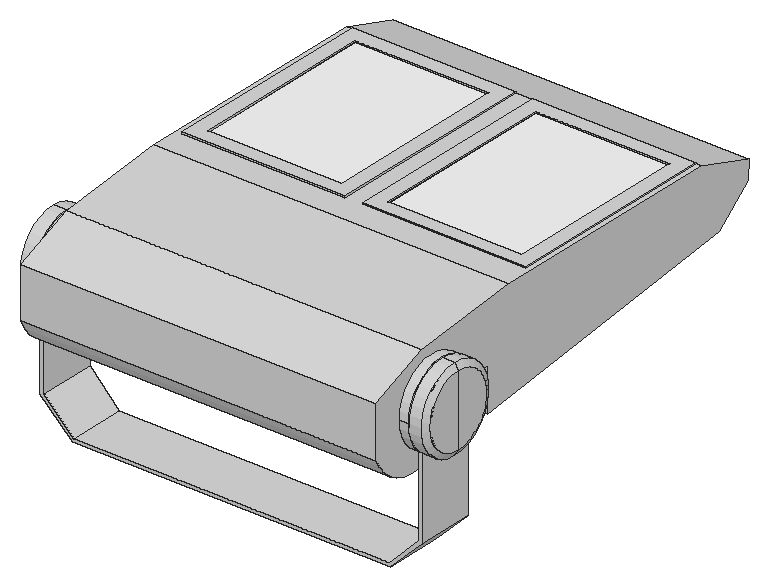
Revit family "0049117 Feilo Sylvania Lighting Fixture SYLVEO LED 12000LM RASYM 3K", category Lighting Fixtures, host Face, Revit 2017
Family settings
  Host = Face
  Round Connector Dimension = Use Diameter
  Part Type = Normal
  Cut with Voids When Loaded = No
  Light Source = No
  Shared = No
  Room Calculation Point = No
Parameters (values of type "0049117 SYLVEO LED 12000LM RASYM 3K")
  Weight = "8.444 kg"
  Wattage Comments = "n/a"
  WarrantyStartDate [instance] = "n/a"
  WarrantyGuarantorParts = "n/a"
  WarrantyDurationUnit = "n/a"
  WarrantyDurationParts = "n/a"
  WarrantyDescription = "n/a"
  Voltage = 230 V
  URL = "http://www.sylvania-lighting.com"
  TypeName = "SYLVEO LED 12000LM RASYM 3K"
  TypeBody_FEILO = Sylveo Large Body : 0049117 SYLVEO LED 12000LM RASYM 3K
  Type Image = <None>
  Type Comments = "n/a"
  TotalWidth = 344 mm
  TiltAngle [instance] = 0.00°
  StartAngle [instance] = -TiltAngle  # 0.00°
  SerialNumber [instance] = "n/a"
  PowerFactor = 0
  PowerConsumption = "120.6 W"
  NominalWidth = 0 mm
  NominalLength = 344 mm
  NominalHeight = 392 mm
  Name = "SYLVEO LED 12000LM RASYM 3K"
  ModelReference = "SYLVEO LED 12000LM RASYM 3K"
  ModelNumber = "0049117"
  Model = "SYLVEO LED 12000LM RASYM 3K"
  Material_4_FEILO = none
  Material_3_FEILO = none
  Material_2_FEILO = none
  Material_1_FEILO = Body-Sylvania-Sylveo-Aluminium
  Material = "aluminium housing, glass diffuser"
  ManufacturerName = "Feilo Sylvania"
  Manufacturer = "Feilo Sylvania"
  LuminousEfficacy = "102.9 lm/W"
  LuminaireType = ""
  LightOutputRatio = "100"
  LampsType = Lamp  # "LED"
  LampNominalLuminous = "12412 lm"
  LampMacAdamStep = "6"
  LampColourTemperature = "3000 K"
  LampColourRenderingIndex = "70"
  Lamp = "LED"
  Keynote = "16500"
  InstallationDate [instance] = "n/a"
  InputVoltage = "100-240V~"
  InputNominalFrequency = "50 Hz"
  IngressProtection = "IP66"
  ImpactProtectionIndex = "IK08"
  IfcExportType = "IfcLightFixtureType"
  IfcExportAs = "IfcLightFixtureType"
  HingeHeight = 121 mm
  ExpectedLife = 50000
  EndAngle [instance] = StartAngle + 180.00°  # 180.00°
  ElectricShockClassification = "Class I"
  DurationUnit = "hours"
  DocumentationLiterature = "http://www.sylvania-lighting.com/product/en-int/products/0049117"
  DimmingControlOptions = "Non dimmable"
  Description = "Exterior LED Floodlight, comes complete with a 1000mm cable and adjustable bracket, aluminium housing, clear glass diffuser, IP66, IK08, Class I, 3000K, Non-dimming, 12412lm, 121W, 103lm/W, 3600mA, CRI70, 52°x117° beam angle, 50000hrs, (LxWxD) 98x344x392mm"
  Default Elevation = 1219.2 mm
  CreatedOn = "12/18/2017"
  CreatedBy = ""
  Cost = 0
  built-in parameter 1114216 [instance] = (empty or 0)
  ClassificationValue = "EF_70_80"
  ClassificationName = "Uniclass2015"
  Calculate Coefficient of Utilization = no
  BracketWidth = 48 mm
  BracketThickness = 3 mm
  BracketOuterWidth = BracketInnerWidth + 2 * BracketThickness  # 322 mm
  BracketInnerWidth = 316 mm
  BracketFold = 25 mm
  BracketExtrusionStart = -BracketWidth / 2  # -24 mm
  BracketExtrusionEnd = BracketWidth / 2  # 24 mm
  BarCode [instance] = "n/a"
  AssetType = "Fixed"
  AssetIdentifier [instance] = "n/a"
  Assembly Code = "D5020200"
  Apparent Load = 120.6 VA
Reference planes
  plane 1 "Center (Front/Back)": y = 0
  plane 2: z = 0
  plane 3 "Center (Left/Right)": x = 0
  plane 4: x = 158
  plane 5: x = -158
  plane 6: z = 121
  plane 7: x = 172
  plane 8: x = -172
  plane 9: z = 156
  plane 10: z = 86
  plane 11: x = 169
  plane 12: x = -169
  plane 13: x = 161
  plane 14: x = -161
  plane 15: z = 3
  plane 16: z = 28
  plane 17: x = 133
  plane 18: x = -133
  plane 19: z = 91
Forms (mm)
  Extrusion 1, solid, material "Body-Sylvania-Sylveo-Aluminium" <- "Material_1_FEILO"
    sketch origin (0, 0, 0) x (1, 0, 0) y (0, 0, 1)
      loop
        line (0, 3) -> (0, 0) -> (133.828, 0) -> (161, 27.172) -> (161, 121) -> (158, 121) -> (158, 28) -> (133, 3) -> (0, 3)
    from -24 <- "BracketExtrusionStart" to 24 <- "BracketExtrusionEnd"
  Extrusion 2, solid, material "Body-Sylvania-Sylveo-Aluminium" <- "Material_1_FEILO"
    sketch origin (0, 0, 0) x (-1, 0, 0) y (0, 0, -1)
      loop
        line (0, -3) -> (133, -3) -> (158, -28) -> (158, -121) -> (161, -121) -> (161, -27.172) -> (133.828, 0) -> (0, 0) -> (0, -3)
    from -24 <- "BracketExtrusionStart" to 24 <- "BracketExtrusionEnd"
  Revolve 3, solid, material "Body-Sylvania-Sylveo-Aluminium" <- "Material_1_FEILO"
    sketch origin (0, 0, 0) x (1, 0, 0) y (0, 0, 1)
      loop
        line (-158, 121) -> (-172, 121) -> (-172, 91) -> (-169, 86) -> (-158, 86) -> (-158, 121)
      axis (-158, 121) -> (-172, 121)
    angle from 0 to 360
  Revolve 4, solid, material "Body-Sylvania-Sylveo-Aluminium" <- "Material_1_FEILO"
    sketch origin (0, 0, 0) x (-1, 0, 0) y (0, 0, 1)
      loop
        line (-158, 121) -> (-172, 121) -> (-172, 91) -> (-169, 86) -> (-158, 86) -> (-158, 121)
      axis (-158, 121) -> (-172, 121)
    angle from 0 to 360
  Revolve 5, solid, not visible
    sketch origin (181.107, 0, 121) x (1, 0, 0) y (0, 1, 0)
      loop
        line (-191.101, 0) -> (-171.112, 0) -> (-171.112, 10) -> (-191.101, 10) -> (-191.101, 0)
      axis (-171.112, 0) -> (-191.101, 0)
    angle from 0 <- "StartAngle" to 180 <- "EndAngle"
Cuts and joins
  joined: Extrusion 1, Extrusion 2, Revolve 3, Revolve 4
Dimensions and locks
  equal spacing: plane 5, plane 3 "Center (Left/Right)", plane 4
  equal spacing: plane 7, plane 3 "Center (Left/Right)", plane 8
  "TotalWidth": plane 7 to plane 8
  "HingeHeight": plane 2 to plane 6
  equal spacing: plane 10, plane 6, plane 9
  locked: plane 10 to plane 9 at 70
  equal spacing: plane 11, plane 3 "Center (Left/Right)", plane 12
  locked: plane 11 to plane 12 at 338
  equal spacing: plane 13, plane 3 "Center (Left/Right)", plane 14
  "BracketThickness": plane 2 to plane 15
  equal spacing: plane 17, plane 3 "Center (Left/Right)", plane 18
  locked: plane 19 to plane 10 at 5
  locked: Revolve 5 sketch curve to Revolve 5 sketch curve at 10
  equal spacing: Revolve 5 sketch curve, plane 3 "Center (Left/Right)", Revolve 5 sketch curve
  locked: Revolve 5 sketch curve to Revolve 5 sketch curve at 19.988
  "BracketInnerWidth": plane 5 to plane 4
  "BracketOuterWidth": plane 13 to plane 14
  "BracketFold": plane 4 to plane 17
  "BracketFold": plane 15 to plane 16
  aligned and locked: plane 2 to host face
  aligned and locked: level to host face
  aligned and locked: Revolve 3 sketch curve to plane 10
  aligned and locked: Revolve 3 sketch curve to plane 8
  aligned and locked: plane 5 to Revolve 3 sketch curve
  aligned and locked: Revolve 3 sketch curve to plane 6  (x2)
  aligned and locked: Revolve 5 sketch curve to plane 1 "Center (Front/Back)"
  aligned and locked: plane 3 "Center (Left/Right)" to nested 1
Automatic sketch dimensions
  host sketch curve to host sketch curve = 2438.4 mm  (x2)
  Extrusion 1 sketch curve to plane 3 "Center (Left/Right)" = 0 mm  (x2)
  Extrusion 1 sketch curve to level = 0 mm  (x2)
  Extrusion 1 sketch curve to plane 15 = 0 mm
  Extrusion 1 sketch curve to plane 17 = 0 mm
  plane 4 to Extrusion 1 sketch curve = 0 mm
  Extrusion 1 sketch curve to plane 13 = 0 mm  (x2)
  Extrusion 1 sketch curve to plane 6 = 0 mm  (x2)
  Extrusion 1 sketch curve to plane 16 = 0 mm
  plane 17 to Extrusion 1 sketch curve = 0.828 mm
  Extrusion 1 sketch curve to plane 16 = 0.828 mm
  Extrusion 2 sketch curve to plane 3 "Center (Left/Right)" = 0 mm  (x2)
  Extrusion 2 sketch curve to level = 0 mm  (x2)
  Extrusion 2 sketch curve to plane 15 = 0 mm
  plane 18 to Extrusion 2 sketch curve = 0 mm
  plane 5 to Extrusion 2 sketch curve = 0 mm
  plane 14 to Extrusion 2 sketch curve = 0 mm  (x2)
  Extrusion 2 sketch curve to plane 6 = 0 mm  (x2)
  Extrusion 2 sketch curve to plane 16 = 0 mm
  Extrusion 2 sketch curve to plane 18 = 0.828 mm
  plane 16 to Extrusion 2 sketch curve = 0.828 mm
  plane 12 to Revolve 3 sketch curve = 0 mm
  Revolve 3 sketch curve to plane 19 = 0 mm
  plane 8 to Revolve 3 sketch curve = 77.715 mm
  plane 7 to Revolve 3 sketch curve = 78.607 mm
  Revolve 4 sketch curve to plane 6 = 0 mm  (x2)
  Revolve 4 sketch curve to plane 7 = 0 mm
  Revolve 4 sketch curve to plane 10 = 0 mm
  Revolve 4 sketch curve to plane 11 = 0 mm
  plane 4 to Revolve 4 sketch curve = 0 mm
  Revolve 4 sketch curve to plane 19 = 0 mm
  Revolve 4 sketch curve to Revolve 4 sketch curve = 77.715 mm
  Revolve 4 sketch curve to plane 8 = 78.607 mm
  plane 1 "Center (Front/Back)" to Revolve 5 sketch curve = 0 mm
  plane 8 to Revolve 5 sketch curve = 1421.5 mm
  plane 7 to Revolve 5 sketch curve = 1421.5 mm
Nested families
  nested 1: "Sylveo Large Body" at (0, 0, 121), type <- "TypeBody_FEILO", type "0049117 SYLVEO LED 12000LM RASYM 3K"
Definition of nested family "Sylveo Large Body"
  Parameters (values of type "0049144 SYLVEO LED 12000LM RASYM 4K DALI ")
    Wattage = 120 W
    built-in parameter 1150110 = 1 (stored number, unit not read)
    VoidExtrusionStart = -BodyWidth / 2  # -158 mm
    URL = "http://www.feilosylvania.com"
    Type Comments = "n/a"
    built-in parameter 1114217 = 1 (stored number, unit not read)
    TiltAngle = 0.00°
    Tilt Angle = -90.00°
    built-in parameter 1150109 = 1 (stored number, unit not read)
    built-in parameter 1150134 = 12
    built-in parameter 1150113 = 1 (stored number, unit not read)
    Photometric Web File = "0049144.ies"
    Material_3_FEILO = none
    Model = "SYLVEO LED 12000LM RASYM 4K DALI"
    Manufacturer = "Feilo Sylvania"
    built-in parameter 1150105 = 6486.1 (stored number, unit not read)
    Lumens = 12552 lm
    built-in parameter 1150115 = 1 (stored number, unit not read)
    built-in parameter 1150137 = (empty or 0)
    built-in parameter 1150139 = (empty or 0)
    built-in parameter 1150112 = 1 (stored number, unit not read)
    built-in parameter 1150114 = 1 (stored number, unit not read)
    Lamp = "LED"
    Keynote = "16500"
    built-in parameter 1150132 = (empty or 0)
    built-in parameter 1150102 = (empty or 0)
    built-in parameter 1150107 = 4000 (stored number, unit not read)
    built-in parameter 1150138 = (empty or 0)
    built-in parameter 1150106 = 64.861 (stored number, unit not read)
    HingeRadius = 35 mm
    HingeFromTop = 51.5 mm
    Material_2_FEILO = none
    Emit from Rectangle Width = 155.3 mm
    Emit from Rectangle Length = 265 mm
    Emit Shape Visible in Rendering = no
    built-in parameter 1150104 = 9.7177 (stored number, unit not read)
    Dimming Lamp Color Temperature Shift = (empty or 0)
    Description = "Exterior LED floodlight, comes complete with a 1000mm cable and adjustable bracket, aluminium housing, clear glass diffuser, 12547lm, 120W, 104lm/W, 4000K, 3570mA, CRI70, 52°x117° beam angle, DALI dimmable, IP66, IK08, Class I, 50000hrs, (LxWxD) 98x344x392mm"
    Default Elevation = 1219.2 mm
    Cost = 0
    Color Filter = 16777215
    BodyWidthTop = 299 mm
    Material_1_FEILO = none
    BodyWidth = 316 mm
    BodyHeight = 392 mm
    BodyExtrusionStart = -(BodyDepth - HingeFromTop)  # -46.5 mm
    BodyExtrusionEnd = HingeFromTop  # 51.5 mm
    BodyDepth = 98 mm
    built-in parameter 1114218 = 1 (stored number, unit not read)
    built-in parameter 1150133 = 10 (stored number, unit not read)
    Assembly Code = "D5020200"
    Material_4_FEILO = none
    Apparent Load = 120 VA
  Types (9, lengths in mm): name | Wattage | built-in parameter 1150134 | Photometric Web File | Model | built-in parameter 1150105 | Lumens | built-in parameter 1150107 | built-in parameter 1150106 | built-in parameter 1150104 | Description | Apparent Load
    0049144 SYLVEO LED 12000LM RASYM 4K DALI | 120 W | 12 | "0049144.ies" | "SYLVEO LED 12000LM RASYM 4K DALI" | 6486.1 (stored number, unit not read) | 12552 lm | 4000 (stored number, unit not read) | 64.861 (stored number, unit not read) | 9.7177 (stored number, unit not read) | "Exterior LED floodlight, comes complete with a 1000mm cable and adjustable bracket, aluminium housing, clear glass diffuser, 12547lm, 120W, 104lm/W, 4000K, 3570mA, CRI70, 52°x117° beam angle, DALI dimmable, IP66, IK08, Class I, 50000hrs, (LxWxD) 98x344x392mm" | 120 VA
    0049143 SYLVEO LED 12000LM WIDE 4K DALI | 121 W | 12 | "0049143.ies" | "SYLVEO LED 12000LM WIDE 4K DALI" | 16096.1 (stored number, unit not read) | 13225.3 lm | 4000 (stored number, unit not read) | 160.96 (stored number, unit not read) | 10.154 (stored number, unit not read) | "Exterior LED floodlight, comes complete with a 1000mm cable and adjustable bracket, aluminium housing, clear glass diffuser, 13222lm, 120W, 109lm/W, 4000K, 3570mA, CRI70, 52° beam angle, DALI dimmable, IP66, IK08, Class I, 50000hrs, (LxWxD) 98x344x392mm" | 121 VA
    0049142 SYLVEO LED 12000LM NAR 4K DALI | 121 W | 12 | "0049142.ies" | "SYLVEO LED 12000LM NAR 4K DALI" | 29878.8 (stored number, unit not read) | 12838.1 lm | 4000 (stored number, unit not read) | 298.79 (stored number, unit not read) | 9.857 (stored number, unit not read) | "Exterior LED floodlight, comes complete with a 1000mm cable and adjustable bracket, aluminium housing, clear glass diffuser, 12833lm, 121W, 106lm/W, 4000K, 3570mA, 30° beam angle, CRI70, DALI dimmable, IP66, IK08, Class I, 50000hrs, (LxWxD) 98x344x392mm" | 121 VA
    0049117 SYLVEO LED 12000LM RASYM 3K | 120.6 W | (empty or 0) | "0049117.ies" | "SYLVEO LED 12000LM RASYM 3K" | 6411.7 (stored number, unit not read) | 12409.7 lm | 3000 (stored number, unit not read) | 64.117 (stored number, unit not read) | 9.5597 (stored number, unit not read) | "Exterior LED Floodlight, comes complete with a 1000mm cable and adjustable bracket, aluminium housing, clear glass diffuser, IP66, IK08, Class I, 3000K, Non-dimming, 12412lm, 121W, 103lm/W, 3600mA, CRI70, 52°x117° beam angle, 50000hrs, (LxWxD) 98x344x392mm" | 120.6 VA
    0049116 SYLVEO LED 12000LM WIDE 3K | 120.2 W | (empty or 0) | "0049116.ies" | "SYLVEO LED 12000LM WIDE 3K" | 15595 (stored number, unit not read) | 12392.6 lm | 3000 (stored number, unit not read) | 155.95 (stored number, unit not read) | 9.5783 (stored number, unit not read) | "Exterior LED Floodlight, comes complete with a 1000mm cable and adjustable bracket, aluminium housing, clear glass diffuser, IP66, IK08, Class I, 3000K, Non-dimming, 12393lm, 120W, 103lm/W, 3600mA, CRI70, 52° beam angle, 50000hrs, (LxWxD) 98x344x392mm" | 120.2 VA
    0049115 SYLVEO LED 12000LM NAR 3K | 121.3 W | (empty or 0) | "0049115.ies" | "SYLVEO LED 12000LM NAR 3K" | 29900.5 (stored number, unit not read) | 12154.3 lm | 3000 (stored number, unit not read) | 299 (stored number, unit not read) | 9.3089 (stored number, unit not read) | "Exterior LED Floodlight, comes complete with a 1000mm cable and adjustable bracket, aluminium housing, clear glass diffuser, IP66, IK08, Class I, 3000K, Non-dimming, 12149lm, 121W, 100lm/W, 3600mA, CRI70, 30° beam angle, 50000hrs, (LxWxD) 98x344x392mm" | 121.3 VA
    0049114 SYLVEO LED 12000LM RASYM 4K | 121.5 W | 12 | "0049114.ies" | "SYLVEO LED 12000LM RASYM 4K" | 6754.6 (stored number, unit not read) | 13073.4 lm | 4000 (stored number, unit not read) | 67.546 (stored number, unit not read) | 9.9964 (stored number, unit not read) | "Exterior LED Floodlight, comes complete with a 1000mm cable and adjustable bracket, aluminium housing, clear glass diffuser, IP66, IK08, Class I, 4000K, Non-dimming, 13073lm, 122W, 108lm/W, 3600mA, CRI70, 52°x117° beam angle, 50000hrs, (LxWxD) 98x344x392mm" | 121.5 VA
    0049113 SYLVEO LED 12000LM WIDE 4K | 121.5 W | 12 | "0049113.ies" | "SYLVEO LED 12000LM WIDE 4K" | 15077 (stored number, unit not read) | 13158.5 lm | 4000 (stored number, unit not read) | 150.77 (stored number, unit not read) | 10.061 (stored number, unit not read) | "Exterior LED Floodlight, comes complete with a 1000mm cable and adjustable bracket, aluminium housing, clear glass diffuser, IP66, IK08, Class I, 4000K, Non-dimming, 13159lm, 122W, 108lm/W, 3600mA, CRI70, 52° beam angle, 50000hrs, (LxWxD) 98x344x392mm" | 121.5 VA
    0049112 SYLVEO LED 12000LM NAR 4K | 120.7 W | 12 | "0049112.ies" | "SYLVEO LED 12000LM NAR 4K" | 28932.3 (stored number, unit not read) | 12637.3 lm | 4000 (stored number, unit not read) | 289.32 (stored number, unit not read) | 9.7269 (stored number, unit not read) | "Exterior LED Floodlight, comes complete with a 1000mm cable and adjustable bracket, aluminium housing, clear glass diffuser, IP66, IK08, Class I, 4000K, Non-dimming, 12637lm, 121W, 105lm/W, 4000K, 3600mA, CRI70, 30° beam angle, 50000hrs, (LxWxD) 98x344x392mm" | 120.7 VA
  Reference planes
    plane 1 "Center (Front/Back)": y = 0
    plane 2: z = 0
    plane 3 "Center (Left/Right)": x = 0
    plane 4: y = 333.243
    plane 5: y = 313.009
    plane 6: y = 284.289
    plane 7: y = 271.887
    plane 8: y = 116.539
    plane 9: y = 104.79
    plane 10: y = 81.292
    plane 11: y = 43.434
    plane 12: y = 35
    plane 13: y = -35
    plane 14: y = -58.757
    plane 15: x = -132.503
    plane 16: x = -19.582
    plane 17: x = 19.582
    plane 18: x = 132.503
    plane 19: x = -3.59
    plane 20: x = 3.59
    plane 21: x = -149.5
    plane 22: x = 149.5
    plane 23: x = -158
    plane 24: x = 158
    plane 25: y = -10.721
    plane 26: z = 22.496
    plane 27: z = -20
    plane 28: y = -20.127
    plane 29: y = 49.579
    plane 30: y = 58.954
    plane 31: z = -40.407
    plane 32: z = -36.657
    plane 33: y = 302.105
    plane 34: z = -6.225
    plane 35: z = 35.293
    plane 36: z = 19.043
    plane 37: z = 42.496
    plane 38: x = -144.5
    plane 39: x = 144.5
    plane 40: x = -7.34
    plane 41: x = 7.34
    plane 42: y = 194.213
  Forms (mm)
    Extrusion 1, solid
      sketch origin (-0.8, 0, 0) x (1, 0, 0) y (0, 1, 0)
        loop
          line (-1219.2, 1219.2) -> (-1219.2, -1219.2) -> (1219.2, -1219.2) -> (1219.2, 1219.2) -> (-1219.2, 1219.2)
      from 0 to -304.8
    Revolve 2, solid, material <- "Material_1_FEILO"
      sketch origin (0, 0, 0) x (1, 0, 0) y (0, 1, 0)
        loop
          line (-158, 35) -> (-158, 0) -> (-149.5, 0) -> (-149.5, 35) -> (-158, 35)
        loop
          line (158, 0) -> (158, 35) -> (149.5, 35) -> (149.5, 0) -> (158, 0)
        axis (158, 0) -> (-158, 0)
      angle from 0 to 360
    Extrusion 3, solid, material <- "Material_1_FEILO"
      sketch origin (0, 0, 0) x (1, 0, 0) y (0, 1, 0)
        loop
          line (-149.5, 333.243) -> (-149.5, -58.757) -> (149.5, -58.757) -> (149.5, 333.243) -> (-149.5, 333.243)
      from -46.5 <- "BodyExtrusionStart" to 51.5 <- "BodyExtrusionEnd"
    Extrusion 4, void
      sketch origin (0, 0, 0) x (0, 1, 0) y (0, 0, 1)
        loop
          line (81.292, 51.5) -> (-58.757, 51.5) -> (-58.757, 22.496) -> (-10.721, 42.496) -> (81.292, 51.5)
        loop
          line (-58.757, -20) -> (-58.757, -46.5) -> (-20.127, -46.5)
          arc (-20.127, -46.5) -> (-43.549, -39.238) -> (-58.757, -20) r 41.406
      from -158 <- "VoidExtrusionStart" to 316 <- "BodyWidth"
    Extrusion 5, void, detail levels medium+fine
      sketch origin (0, 0, 0) x (0, 1, 0) y (0, 0, 1)
        loop
          line (-20.127, -46.5) -> (333.243, -46.5) -> (333.243, 19.043) -> (302.105, -6.225) -> (58.954, -36.657) -> (58.954, 0) -> (49.579, 0) -> (49.579, -40.407) -> (-20.127, -46.5)
        loop
          line (333.243, 51.5) -> (284.289, 51.5)
          arc (284.289, 51.5) -> (309.162, 44.591) -> (333.243, 35.293) r 264.729
          line (333.243, 35.293) -> (333.243, 51.5)
      from -158 <- "VoidExtrusionStart" to 316 <- "BodyWidth"
    Extrusion 6, solid, material <- "Material_1_FEILO", detail levels medium+fine
      sketch origin (0, 0, 51.5) x (1, 0, 0) y (0, 1, 0)
        loop
          line (-144.5, 284.289) -> (-144.5, 104.79) -> (-7.34, 104.79) -> (-7.34, 284.289) -> (-144.5, 284.289)
        loop
          line (7.34, 284.289) -> (7.34, 104.79) -> (144.5, 104.79) -> (144.5, 284.289) -> (7.34, 284.289)
        loop
          line (19.582, 271.887) -> (19.582, 116.539) -> (132.503, 116.539) -> (132.503, 271.887) -> (19.582, 271.887)
        loop
          line (-19.582, 116.539) -> (-19.582, 271.887) -> (-132.503, 271.887) -> (-132.503, 116.539) -> (-19.582, 116.539)
      from 0 to 1
    Extrusion 7, void
      sketch origin (0, 0, 51.5) x (0, 1, 0) y (1, 0, 0)
        loop
          line (271.887, -132.503) -> (271.887, -19.582) -> (116.539, -19.582) -> (116.539, -132.503) -> (271.887, -132.503)
        loop
          line (116.539, 19.582) -> (271.887, 19.582) -> (271.887, 132.503) -> (116.539, 132.503) -> (116.539, 19.582)
      from 0 to 10
    Extrusion 8, solid, material <- "Material_2_FEILO"
      sketch origin (0, 0, 51.5) x (1, 0, 0) y (0, 1, 0)
        loop
          line (-132.503, 271.887) -> (-132.503, 116.539) -> (-19.582, 116.539) -> (-19.582, 271.887) -> (-132.503, 271.887)
        loop
          line (19.582, 116.539) -> (132.503, 116.539) -> (132.503, 271.887) -> (19.582, 271.887) -> (19.582, 116.539)
      from 0 to -1
  Cuts and joins
    Extrusion 4, Extrusion 5, Extrusion 7 cuts Revolve 2
    Extrusion 4, Extrusion 5, Extrusion 7 cuts Extrusion 3
    joined: Revolve 2, Extrusion 3
  Dimensions and locks
    equal spacing: plane 19, plane 3 "Center (Left/Right)", plane 20
    equal spacing: plane 16, plane 3 "Center (Left/Right)", plane 17
    equal spacing: plane 15, plane 3 "Center (Left/Right)", plane 18
    locked: plane 16 to plane 17 at 39.163
    locked: plane 19 to plane 20 at 7.18
    locked: plane 15 to plane 18 at 265.006
    locked: plane 7 to plane 8 at 155.348
    locked: plane 6 to plane 9 at 179.499
    locked: plane 5 to plane 10 at 231.717
    "BodyHeight": plane 4 to plane 14
    equal spacing: plane 12, plane 1 "Center (Front/Back)", plane 13
    "HingeRadius": plane 12 to plane 1 "Center (Front/Back)"
    equal spacing: plane 21, plane 3 "Center (Left/Right)", plane 22  (x2)
    equal spacing: plane 23, plane 3 "Center (Left/Right)", plane 24
    "BodyWidth": plane 23 to plane 24
    "BodyWidthTop": plane 21 to plane 22
    locked: plane 1 "Center (Front/Back)" to plane 14 at 58.757
    locked: plane 1 "Center (Front/Back)" to plane 11 at 43.434
    locked: plane 1 "Center (Front/Back)" to plane 10 at 81.292
    locked: plane 9 to plane 1 "Center (Front/Back)" at 104.79
    locked: plane 8 to plane 1 "Center (Front/Back)" at 116.539
    equal spacing: plane 38, plane 3 "Center (Left/Right)", plane 39
    equal spacing: plane 40, plane 3 "Center (Left/Right)", plane 41
    equal spacing: plane 7, plane 42, plane 8, locked at 77.674 each
    aligned and locked: plane 2 to Extrusion 1
    aligned and locked: level to Extrusion 1
    aligned and locked: Revolve 2 sketch curve to plane 1 "Center (Front/Back)"  (x3)
    aligned and locked: Revolve 2 sketch curve to plane 12  (x2)
    aligned and locked: Revolve 2 sketch curve to plane 23
    aligned and locked: Revolve 2 sketch curve to plane 21
    aligned and locked: plane 24 to Revolve 2 sketch curve
    aligned and locked: plane 22 to Revolve 2 sketch curve
    aligned and locked: Extrusion 3 sketch curve to plane 4
    aligned and locked: plane 21 to Extrusion 3 sketch curve
    aligned and locked: plane 14 to Extrusion 3 sketch curve
    aligned and locked: Extrusion 3 sketch curve to plane 22
    aligned and locked: plane 10 to Extrusion 4 sketch curve
    aligned and locked: plane 25 to Extrusion 4 sketch curve
    aligned and locked: plane 14 to Extrusion 4 sketch curve
    aligned and locked: Extrusion 4 sketch curve to cut or joined group of Revolve 2, Extrusion 3, Extrusion 4, Extrusion 5, Extrusion 7  (x2)
    aligned and locked: Extrusion 5 sketch curve to plane 29
    aligned and locked: Extrusion 5 sketch curve to level
    aligned and locked: plane 32 to Extrusion 5 sketch curve
    aligned and locked: Extrusion 5 sketch curve to plane 30
    aligned and locked: plane 34 to Extrusion 5 sketch curve
    aligned and locked: plane 36 to Extrusion 5 sketch curve
    aligned and locked: Extrusion 5 sketch curve to plane 4
    aligned and locked: plane 6 to Extrusion 5 sketch curve
    aligned and locked: plane 9 to Extrusion 6 sketch curve  (x2)
    aligned and locked: Extrusion 6 sketch curve to plane 6
    aligned and locked: Extrusion 6 sketch curve to plane 7  (x2)
    aligned and locked: plane 17 to Extrusion 6 sketch curve
    aligned and locked: plane 8 to Extrusion 6 sketch curve  (x2)
    aligned and locked: Extrusion 6 sketch curve to plane 18
    aligned and locked: Extrusion 6 sketch curve to plane 16
    aligned and locked: plane 15 to Extrusion 6 sketch curve
    aligned and locked: plane 38 to Extrusion 6 sketch curve
    aligned and locked: Extrusion 6 sketch curve to plane 39
    aligned and locked: Extrusion 6 sketch curve to plane 40
    aligned and locked: plane 41 to Extrusion 6 sketch curve
    aligned and locked: Extrusion 7 sketch curve to Extrusion 6  (x8)
    aligned and locked: Extrusion 8 sketch curve to cut or joined group of Revolve 2, Extrusion 3, Extrusion 4, Extrusion 5, Extrusion 7  (x8)
    aligned and locked: imposter light to plane 42
    aligned and locked: imposter light to plane 3 "Center (Left/Right)"
    aligned and locked: imposter light to Extrusion 6
  Automatic sketch dimensions
    Extrusion 1 sketch curve to Extrusion 1 sketch curve = 2438.4 mm  (x2)
    plane 23 to Revolve 2 sketch curve = 1366 mm
    Revolve 2 sketch curve to plane 24 = 1366 mm
    Extrusion 4 sketch curve to plane 14 = 0 mm
    Extrusion 4 sketch curve to plane 28 = 0 mm
    Extrusion 4 sketch curve to plane 27 = 0 mm
    Extrusion 4 sketch curve to plane 26 = 0 mm
    Extrusion 4 sketch curve to plane 37 = 0 mm
    Extrusion 5 sketch curve to plane 33 = 0 mm
    Extrusion 5 sketch curve to plane 31 = 0 mm
    plane 35 to Extrusion 5 sketch curve = 0 mm
    Extrusion 5 sketch curve to plane 7 = 45.926 mm
    Extrusion 5 sketch curve to plane 28 = 0 mm
    Extrusion 5 sketch curve to plane 4 = 0 mm
    Extrusion 5 sketch curve to plane 31 = 6.093 mm
    Extrusion 5 sketch curve to plane 31 = 166.316 mm
    Extrusion 6 sketch curve to Extrusion 6 sketch curve = 0 mm
